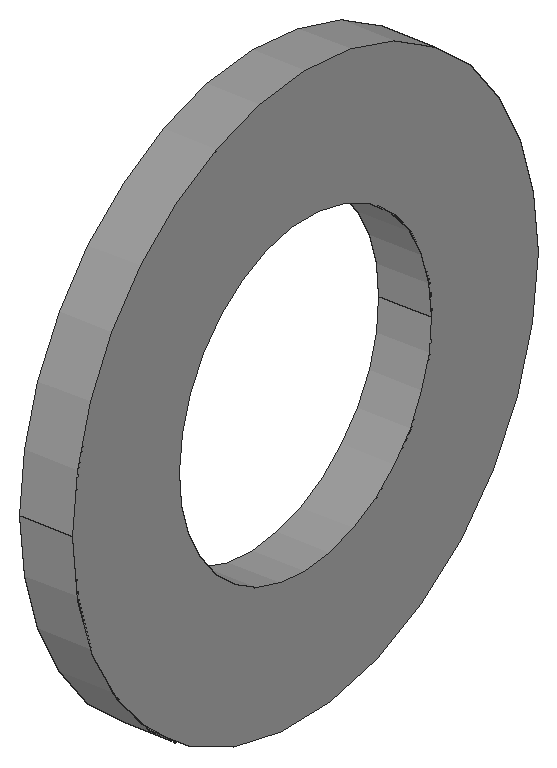
Revit family "Flange - Carbon", category Pipe Accessories, Revit 2027
Family settings
  Round Connector Dimension = Use Diameter
  Part Type = Normal
  Work Plane-Based = No
  Always vertical = No
  Cut with Voids When Loaded = No
  Shared = No
Parameters (values of type "6"")
  Thickness = if(Diameter = 0' 6", 0' 1", if(Diameter = 0' 8", 0' 1 1/8", 0' 1 1/4"))  # 0' - 1"
  Flange OD = if(Diameter = 0' 6", 0' 11", if(Diameter = 0' 8", 1' 1 1/2", 1' 7"))  # 0' - 11"
  Fitting Material = Steel, Carbon
  Diameter = 0' - 6"
  Default Elevation = 0' - 0"
Types (4): name | Thickness | Flange OD | Diameter
  6" | 0' - 1" | 0' - 11" | 0' - 6"
  8" | 0' - 1 1/8" | 1' - 1 1/2" | 0' - 8"
  BG 12" | 0' - 1 1/4" | 1' - 7" | 1' - 0"
  AG 12" | 0' - 1 1/4" | 1' - 7" | 1' - 0"
Reference planes (in)
  plane 1 "Center (Front/Back)": y = 0
  plane 2: z = 0
  plane 3 "Center (Left/Right)": x = 0
Forms (in)
  Extrusion 1, solid, material "Steel, Carbon" <- "Fitting Material"
    sketch origin (0, 0, 0) x (0, 1, 0) y (0, 0, 1)
      loop
        circle (0, 0) r 3
      loop
        circle (0, 0) r 5.5
    from 0 to 1 <- "Thickness"
Dimensions and locks (in)
  "Diameter": diameter of Extrusion 1 sketch curve
  "Flange OD": diameter of Extrusion 1 sketch curve
  aligned and locked: plane 2 to level
Automatic sketch dimensions
  Extrusion 1 sketch curve to Extrusion 1 sketch curve = 0' - 0"  (x2)
  Extrusion 1 sketch curve to level = 0' - 0"
  Extrusion 1 sketch curve to plane 1 "Center (Front/Back)" = 0' - 0"
Connectors (in)
  piping at (1, 0, 0), diameter 6, driven by "Diameter"
    settings: on Extrusion 1, index 1, connector inside diameter 24", connector length 0' - 0", flow factor 0, pipe flow 0 GPM, pressure drop 0.00 psi, fitting loss kfactor 0, connector angle 0.00°, fixture units 0, engagement length 0' - 0", angle of deflection 0.00°, flow configuration 0, flow direction 0, fitting loss method 0, system type 29, joint type 0, gender type 0, connector reference index -1, connector utility 0, adjustable connector no, is connector primary yes, connector description ""
  piping at (0, 0, 0), diameter 6, driven by "Diameter"
    settings: on Extrusion 1, index 2, connector inside diameter 24", connector length 0' - 0", flow factor 0, pipe flow 0 GPM, pressure drop 0.00 psi, fitting loss kfactor 0, connector angle 0.00°, fixture units 0, engagement length 0' - 0", angle of deflection 0.00°, flow configuration 0, flow direction 0, fitting loss method 0, system type 29, joint type 0, gender type 0, connector reference index -1, connector utility 0, adjustable connector no, is connector primary no, connector description ""
